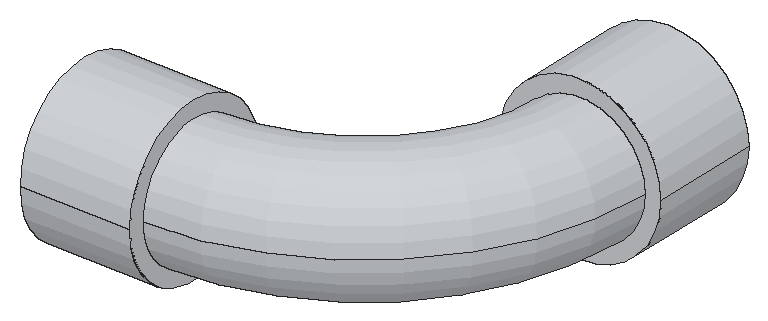
Revit family "Cotovelo de varredura - Passagem - PPR", category Conexões de tubo, Revit 2019
Family settings
  Cota do conector redondo = Usar raio
  Tipo de parte = Cotovelo
  Com base no plano de trabalho = Não
  Sempre na vertical = Sim
  Corte com vazios quando carregada = Não
  Compartilhado = Não
Parameters (values of type "Padrão")
  Tamanho da marca de revisão [instance] = Diâmetro externo do soquete * 0.4  # 12 mm
  Profundidade do soquete [instance] = Centro para a extremidade - Legenda do centro para o soquete  # 20.25 mm
  Raio externo do soquete [instance] = Diâmetro externo do soquete / 2  # 15 mm
  Diâmetro externo do soquete [instance] = size_lookup(Nome da tabela de pesquisa, "SOD", 1.08 * Diâmetro nominal + 8.7 mm, Diâmetro nominal)  # 30 mm
  Raio externo da tubulação [instance] = Diâmetro externo da tubulação / 2  # 12 mm
  Diâmetro externo da tubulação [instance] = Diâmetro externo do soquete * 0.8  # 24 mm
  Raio nominal [instance] = 10 mm
  Diâmetro externo nominal [instance] = size_lookup(Nome da tabela de pesquisa, "NOD", 1.24 * Diâmetro nominal + 0.4 mm, Diâmetro nominal)  # 25 mm
  Diâmetro nominal [instance] = Raio nominal * 2  # 20 mm
  Método de perda = Coeficiente K da tabela
  Nome da tabela de pesquisa = "BR_Sweep Elbow - Slip - PPR"
  Tabela de coeficiente K = "Cotovelo regular 45, 90 e 180"
  Legenda do centro para o soquete [instance] = Raio Central * tan(Ângulo / 2)  # 39.75 mm
  Centro para o soquete [instance] = size_lookup(Nome da tabela de pesquisa, "CtS", 1.32 * Diâmetro nominal + 13.8 mm, Diâmetro nominal)  # 39.75 mm
  Centro para a extremidade [instance] = size_lookup(Nome da tabela de pesquisa, "CtE", 1.65 * Diâmetro nominal + 27.6 mm, Diâmetro nominal)  # 60 mm
  Raio Central [instance] = Centro para o soquete / tan(Ângulo / 2)  # 39.75 mm
  Ângulo [instance] = 90.00°
Reference planes
  plane 1 "Centro (Frente/Trás)": y = 0
  plane 2: z = 0
  plane 3 "Centro (Esquerda/Direita)": x = 0
  plane 4: x = -60
  plane 5: x = -39.75
  plane 6: y = 39.75
  plane 7: y = 12
  plane 8: y = -12
Forms (mm)
  Sweep 1, solid, detail levels fine
    path in 3D
      loop
        line (-60, 0, 0) -> (-39.75, 0, 0)
    profile origin (-49.875, 0, 0) x (0, 1, 0) y (0, 0, 1)
      loop
        circle (0, 0) r 15
  Sweep 2, solid, detail levels fine
    path in 3D
      loop
        arc (-39.75, 0, 0) -> (-11.643, 11.643, 0) -> (0, 39.75, 0) r 39.75
    profile origin (-11.643, 11.643, 0) x (-0.707107, 0.707107, 0) y (0, 0, 1)
      loop
        circle (0, 0) r 12
  Sweep 3, solid, detail levels fine
    path in 3D
      loop
        line (0, 39.75, 0) -> (0, 60, 0)
    profile origin (0, 49.875, 0) x (-1, 0, 0) y (0, 0, 1)
      loop
        circle (0, 0) r 15
Cuts and joins
  joined: Sweep 1, Sweep 2, Sweep 3
Lines and regions (mm)
  reference lines
    curve 1: arc (-39.75, 0, 0) -> (-11.643, 11.643, 0) -> (0, 39.75, 0) r 39.75
    curve 2: line (-60, 0, 0) -> (-39.75, 0, 0)
    curve 3: line (0, 0, 0) -> (0, 1250, 0)
    curve 4: line (0, 0, 0) -> (1800, 0, 0)
    curve 5: line (-413.586, 39.75, 0) -> (2406.414, 39.75, 0)
    curve 6: line (-461.25, 60, 0) -> (2498.75, 60, 0)
    curve 7: line (0, 39.75, 0) -> (0, 60, 0)
    curve 15: line (12, 134.303, 0) -> (12, 1314.303, 0)
    curve 16: line (-12, -33.212, 0) -> (-12, 1026.788, 0)
  sketch lines
    curve 8: line (-60, 0, 0) -> (-39.75, 0, 0)
    curve 9: arc (-39.75, 0, 0) -> (-11.643, 11.643, 0) -> (0, 39.75, 0) r 39.75
    curve 10: line (0, 39.75, 0) -> (0, 60, 0)
  model lines, detail levels coarse+medium
    curve 11: line (-60, 12, 0) -> (-60, -12, 0)
    curve 12: line (-60, 0, 0) -> (-39.75, 0, 0)
    curve 13: arc (-39.75, 0, 0) -> (-11.643, 11.643, 0) -> (0, 39.75, 0) r 39.75
    curve 14: line (0, 39.75, 0) -> (0, 60, 0)
    curve 17: line (-12, 60, 0) -> (12, 60, 0)
Dimensions and locks
  "Centro para a extremidade": plane 4 to plane 3 "Centro (Esquerda/Direita)"
  "Legenda do centro para o soquete": plane 5 to plane 3 "Centro (Esquerda/Direita)"
  "Raio Central": plane 6 to plane 1 "Centro (Frente/Trás)"
  "Legenda do centro para o soquete": curve 4 to curve 5
  "Profundidade do soquete": curve 5 to curve 6
  equal spacing: plane 7, plane 1 "Centro (Frente/Trás)", plane 8
  "Tamanho da marca de revisão": plane 7 to plane 1 "Centro (Frente/Trás)"
  "Tamanho da marca de revisão": curve 15 to curve 3
  "Tamanho da marca de revisão": curve 3 to curve 16
  "Raio Central": radius of curve 1
  "Raio externo do soquete": radius of Sweep 1 sketch curve
  "Raio externo da tubulação": radius of Sweep 2 sketch curve
  "Raio externo do soquete": radius of Sweep 3 sketch curve
  "Raio Central": radius of curve 13
  "Ângulo": angle curve 1 to curve 1
  "Ângulo": angle plane 1 "Centro (Frente/Trás)" to curve 3
  "Ângulo": angle plane 3 "Centro (Esquerda/Direita)" to curve 4
  "Ângulo": angle curve 13 to curve 13
  "Ângulo": angle plane 1 "Centro (Frente/Trás)" to curve 15
  "Ângulo": angle plane 1 "Centro (Frente/Trás)" to curve 16
  aligned and locked: level to plane 2
  aligned and locked: plane 4 to curve 2
  aligned and locked: plane 5 to curve 2
  aligned and locked: plane 1 "Centro (Frente/Trás)" to curve 2
  aligned and locked: plane 3 "Centro (Esquerda/Direita)" to curve 3
  aligned and locked: plane 1 "Centro (Frente/Trás)" to curve 4
  aligned and locked: plane 3 "Centro (Esquerda/Direita)" to curve 4
  aligned and locked: curve 5 to curve 7
  aligned and locked: curve 6 to curve 7
  aligned and locked: curve 3 to curve 7
  aligned and locked: plane 6 to curve 1
  aligned and locked: plane 5 to curve 1
  aligned and locked: curve 11 to plane 7
  aligned and locked: curve 11 to plane 8
  aligned and locked: curve 11 to plane 4
  aligned and locked: plane 4 to curve 12
  aligned and locked: plane 5 to curve 12
  aligned and locked: plane 1 "Centro (Frente/Trás)" to curve 12
  aligned and locked: plane 6 to curve 13
  aligned and locked: curve 5 to curve 14
  aligned and locked: curve 6 to curve 14
  aligned and locked: curve 3 to curve 14
  aligned and locked: curve 16 to curve 17
  aligned and locked: curve 17 to curve 15
  aligned and locked: curve 6 to curve 17
Automatic sketch dimensions
  Sweep 1 sketch curve to profile plane = 0 mm  (x2)
  Sweep 2 sketch curve to profile plane = 0 mm
  profile plane to Sweep 2 sketch curve = 0 mm
  Sweep 3 sketch curve to profile plane = 0 mm
  profile plane to Sweep 3 sketch curve = 0 mm
  plane 1 "Centro (Frente/Trás)" to curve 3 = 0 mm
  curve 16 to curve 3 = 33.212 mm
  curve 3 to curve 15 = 134.303 mm
  curve 5 to curve 3 = 2406.414 mm
  curve 6 to curve 5 = 92.336 mm
  curve 7 to curve 5 = 413.586 mm
  curve 5 to curve 6 = 47.664 mm
Connectors
  piping at (-60, 0, 0), diameter 20, driven by "Ângulo", driven by "Raio nominal"
    settings: on Sweep 1, index 1, connector inside diameter 20 mm, connector length 0 mm, flow factor 0, pipe flow 0.0 L/s, pressure drop 0.0 Pa, fitting loss kfactor 0, connector angle 90.00°, fixture units 0, engagement length 0 mm, angle of deflection 0.00°, flow configuration 0, flow direction 0, fitting loss method 0, system type 28, joint type 0, gender type 0, connector reference index 2, connector utility 0, adjustable connector no, is connector primary yes, connector description ""
  piping at (0, 60, 0), diameter 20, driven by "Ângulo", driven by "Raio nominal"
    settings: on Sweep 3, index 2, connector inside diameter 20 mm, connector length 0 mm, flow factor 0, pipe flow 0.0 L/s, pressure drop 0.0 Pa, fitting loss kfactor 0, connector angle 90.00°, fixture units 0, engagement length 0 mm, angle of deflection 0.00°, flow configuration 0, flow direction 0, fitting loss method 0, system type 28, joint type 0, gender type 0, connector reference index 1, connector utility 0, adjustable connector no, is connector primary no, connector description ""
